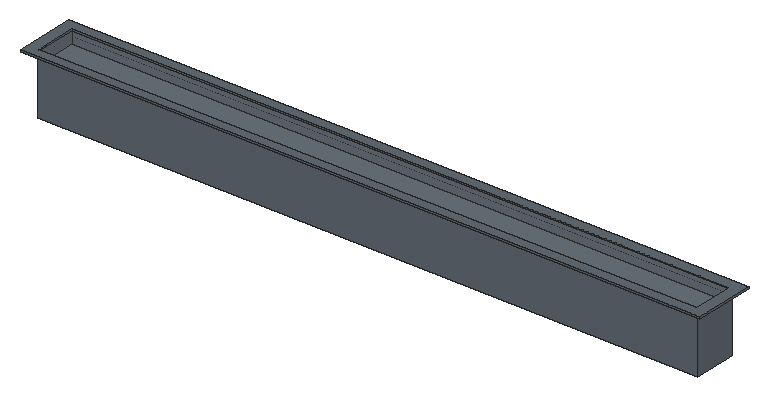
Revit family "3L-R-D", category Lighting Fixtures, host Face, Revit 2021
Family settings
  Host = Face
  Round Connector Dimension = Use Diameter
  Part Type = Normal
  OmniClass Number = 23.80.70.11.14
  OmniClass Title = General Luminaries, Directional
  Cut with Voids When Loaded = No
  Light Source = Yes
  Shared = No
  Room Calculation Point = No
Parameters (values of type "3L-R-D-4-SOF-X-CX-35K-D100")
  Watts = 10.3 W
  Wattage = 10.3 W
  built-in parameter 1150110 = 1 (stored number, unit not read)
  Voltage = 277 V
  built-in parameter 1114217 = 1 (stored number, unit not read)
  Tilt Angle = -90.00°  # constant formula
  built-in parameter 1150109 = 1 (stored number, unit not read)
  built-in parameter 1150134 = (empty or 0)
  built-in parameter 1150113 = 1 (stored number, unit not read)
  Power Factor = 1
  Photometric Web File = "3L-R-D-4-SOF-X-CX-35K-D100.IES"
  Fixture Option = 3L-R : Carbon Black
  Emit from Rectangle Width = 0' - 2 3/4"  # constant formula
  Emit from Rectangle Length = Length - 0' 1"  # 3' - 11"
  Emit Shape Visible in Rendering = no
  Downlight diffuse = "Soft Diffuse Lens "  # constant formula
  zzLength1 = 0' - 5 5/8"
  built-in parameter 1150105 = 79.506 (stored number, unit not read)
  Lumens = 999.1 lm
  built-in parameter 1150115 = 1 (stored number, unit not read)
  Load Classification = Lighting
  built-in parameter 1150137 = (empty or 0)
  built-in parameter 1150139 = (empty or 0)
  Length = 4' - 0"
  Wattage Comments = "Variable Intensity technology provides specifiable lumen output/wattage"  # constant formula
  URL = "https://www.currentlighting.com/litecontrol"
  Product Page URL = ""
  Product Documentation Link = ""
  Model = "3L-R-D"  # constant formula
  Manufacturer = "Litecontrol"  # constant formula
  built-in parameter 1150112 = 1 (stored number, unit not read)
  built-in parameter 1150114 = 1 (stored number, unit not read)
  Lamp = "LED Lamp"  # constant formula
  built-in parameter 1150132 = (empty or 0)
  built-in parameter 1150102 = (empty or 0)
  built-in parameter 1150107 = 3500 (stored number, unit not read)
  built-in parameter 1150138 = (empty or 0)
  built-in parameter 1150106 = 0.79506 (stored number, unit not read)
  built-in parameter 1150104 = 9.0116 (stored number, unit not read)
  Dimming Lamp Color Temperature Shift = <None>
  Description = "Mod™ 3 LED Recessed Slot"  # constant formula
  Default Elevation = 4' - 0"
  Color Filter = 16777215
  built-in parameter 1114218 = 1 (stored number, unit not read)
  built-in parameter 1150133 = 10 (stored number, unit not read)
  Apparent Load = Watts / Power Factor  # 10.3 VA
Reference planes (in)
  plane 1 "Center (Front/Back)": y = 13.01342
  plane 2: z = 0
  plane 3 "Center (Left/Right)": x = 0
  plane 4: x = -24
  plane 5: x = 24
  plane 6: z = -4.3145
Forms (in)
  Extrusion 1, void
    sketch origin (0, 0, 0) x (1, 0, 0) y (0, 1, 0)
      loop
        line (-23.99785, 14.54462) -> (-23.99785, 11.48222) -> (24.00215, 11.48222) -> (24.00215, 14.54462) -> (-23.99785, 14.54462)
    from 0 to -4.3145
Dimensions and locks (in)
  equal spacing: plane 5, plane 3 "Center (Left/Right)", plane 4
  "Length": plane 5 to plane 4
  locked: plane 2 to plane 6 at 4.3145
  aligned and locked: plane 2 to host face
  aligned and locked: level to host face
  aligned and locked: plane 3 "Center (Left/Right)" to imposter light
  aligned and locked: plane 2 to imposter light
  aligned and locked: plane 3 "Center (Left/Right)" to nested 1
  aligned and locked: plane 1 "Center (Front/Back)" to nested 1
  aligned and locked: Extrusion 1 sketch curve to nested 1  (x4)
Automatic sketch dimensions
  host sketch curve to host sketch curve = 8' - 0"
  host sketch curve to host sketch curve = 7' - 11.25872"
Nested families (in)
  nested 1: "3L-R" at (0, -1.0625, -4.3145), type <- "Fixture Option", Length <- "Length", type "Carbon Black"
    with Length 4' - 0"
Connectors (in)
  electrical at (0.00215, 13.01342, -4.3145), driven by "Load Classification", driven by "Voltage", driven by "Apparent Load", driven by "Power Factor"
    settings: on nested 1, index 1, voltage 277 V, apparent load 10.3 VA, apparent load phase1 0 VA, apparent load phase2 0 VA, apparent load phase3 0 VA, power factor 1, load classification "Lighting", number of poles 1, system type 30, power factor state 1, is connector primary yes, connector utility no, sub classification motor no, connector description "Lighting Connector"
Definition of nested family "3L-R"
  Parameters (values of type "Carbon Black")
    Wattage Comments = ""
    Length [instance] = 4' - 0"
    URL = ""
    Product Page URL = ""
    Product Documentation Link = ""
    Model = ""
    Manufacturer Phone = ""
    Manufacturer Fax = ""
    Manufacturer = ""
    Opal lens = none
    Lamp = ""
    Description = ""  # constant formula
    Default Elevation = 4' - 0"
    Ballast = none
  Types (6): name
    Matte White
    Textured Matte White
    Light Silver
    Machined Aluminum
    Carbon Black
    Textured Camera Black
  Reference planes (in)
    plane 1 "Center (Front/Back)": y = 14.07592
    plane 2: z = 0
    plane 3 "Center (Left/Right)": x = 0
    plane 4: x = 24.68485
    plane 5: x = -24.68485
    plane 6: x = -23.99785
    plane 7: x = 24.00215
    plane 8: y = 16.29492
    plane 9: y = 11.85692
    plane 10: y = 15.60712
    plane 11: y = 12.54472
    plane 12: z = 4.4375
    plane 13: x = -23.93785
    plane 14: x = 23.94215
    plane 15: y = 15.57592
    plane 16: y = 12.57592
  Forms (in)
    Extrusion 1, solid
      sketch origin (0, 12.79105, 0) x (1, 0, 0) y (0, 1, 0)
        loop
          line (-48, 48) -> (-48, -48) -> (48, -48) -> (48, 48) -> (-48, 48)
      from 0 to -6
    Extrusion 2, solid, material <- "Opal lens"
      sketch origin (0, 0, 0) x (1, 0, 0) y (0, 1, 0)
        loop
          line (-23.93785, 15.57592) -> (-23.93785, 12.57592) -> (23.94215, 12.57592) -> (23.94215, 15.57592) -> (-23.93785, 15.57592)
      from 4.0099 to 4.31462
    Extrusion 3, solid, material <- "Ballast"
      sketch origin (0, 0, 0) x (1, 0, 0) y (0, 1, 0)
        loop
          line (-24.68485, 16.29492) -> (-24.68485, 11.85692) -> (24.68485, 11.85692) -> (24.68485, 16.29492) -> (-24.68485, 16.29492)
        loop
          line (-23.93785, 15.57592) -> (-23.93785, 12.57592) -> (23.94215, 12.57592) -> (23.94215, 15.57592) -> (-23.93785, 15.57592)
      from 4.31462 to 4.4375
    Extrusion 4, solid, material <- "Ballast"
      sketch origin (0, 0, 0) x (1, 0, 0) y (0, 1, 0)
        loop
          line (-23.99785, 15.60712) -> (-23.99785, 12.54472) -> (24.00215, 12.54472) -> (24.00215, 15.60712) -> (-23.99785, 15.60712)
      from 0 to 4.31462
    Extrusion 5, void
      sketch origin (0, 0, 0) x (1, 0, 0) y (0, 1, 0)
        loop
          line (-23.93785, 15.57592) -> (-23.93785, 12.57592) -> (23.94215, 12.57592) -> (23.94215, 15.57592) -> (-23.93785, 15.57592)
      from 3.45462 to 4.4375
  Cuts and joins
    Extrusion 5 cuts Extrusion 3
    Extrusion 5 cuts Extrusion 4
  Dimensions and locks (in)
    equal spacing: plane 5, plane 3 "Center (Left/Right)", plane 4
    locked: plane 5 to plane 6 at 0.687
    locked: plane 7 to plane 4 at 0.6827
    plane 12 to plane 2 = 0' - 4 7/16"
    locked: plane 6 to plane 13 at 0.06
    locked: plane 14 to plane 7 at 0.06
    locked: plane 8 to plane 9 at 4.438
    equal spacing: plane 8, plane 1 "Center (Front/Back)", plane 9
    equal spacing: plane 10, plane 1 "Center (Front/Back)", plane 11, locked at 1.5312 each
    equal spacing: plane 16, plane 1 "Center (Front/Back)", plane 15, locked at 1.5 each
    "Length": plane 6 to plane 7
    aligned and locked: plane 2 to Extrusion 1
    aligned and locked: level to Extrusion 1
    aligned and locked: plane 4 to Extrusion 3
    aligned and locked: plane 12 to Extrusion 3
    aligned and locked: Extrusion 5 sketch curve to Extrusion 2  (x4)
  Automatic sketch dimensions
    Extrusion 1 sketch curve to Extrusion 1 sketch curve = 8' - 0"  (x2)
    Extrusion 3 sketch curve to plane 5 = 0' - 0"
    Extrusion 3 sketch curve to plane 4 = 0' - 0"
    Extrusion 3 sketch curve to plane 9 = 0' - 0"
    Extrusion 3 sketch curve to plane 8 = 0' - 0"
    Extrusion 2 sketch curve to plane 13 = 0' - 0"
    Extrusion 2 sketch curve to plane 14 = 0' - 0"
    plane 16 to Extrusion 2 sketch curve = 0' - 0"
    Extrusion 2 sketch curve to plane 15 = 0' - 0"
    Extrusion 4 sketch curve to plane 6 = 0' - 0"
    Extrusion 4 sketch curve to plane 7 = 0' - 0"
    Extrusion 4 sketch curve to plane 11 = 0' - 0"
    Extrusion 4 sketch curve to plane 10 = 0' - 0"
    Extrusion 3 sketch curve to plane 13 = 0' - 0"
    Extrusion 3 sketch curve to plane 14 = 0' - 0"
    plane 16 to Extrusion 3 sketch curve = 0' - 0"
    Extrusion 3 sketch curve to plane 15 = 0' - 0"
